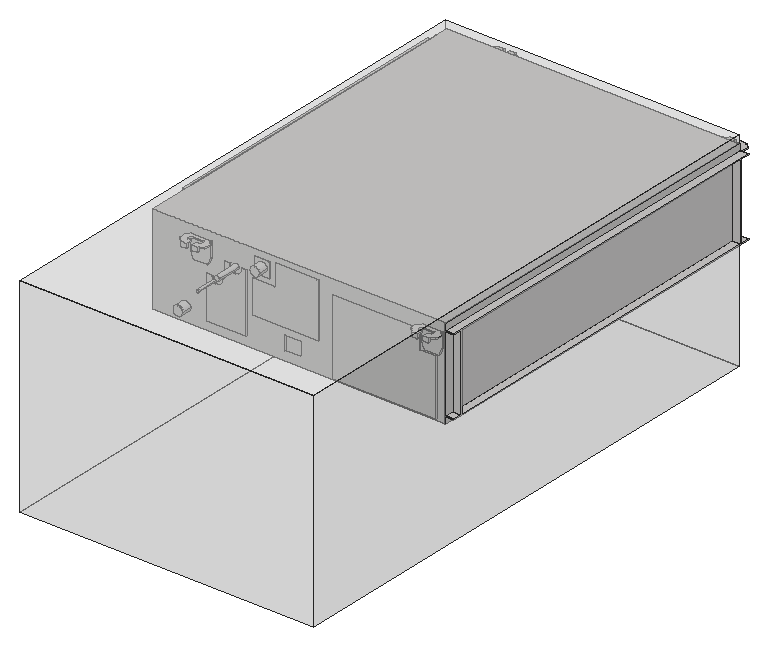
Revit family "outputfile", category 機械設備, Revit 2024
Family settings
  丸型コネクタ寸法 = 半径を使用
  パーツ タイプ = 標準
  OmniClass 番号 = 23.75.10.24.21.27.27
  OmniClass タイトル = Split System Air Conditioning Units
  作業面ベース = いいえ
  常に垂直 = はい
  ロード時にボイドで切り取り = いいえ
  注釈の向きを維持 = いいえ
  共有 = いいえ
  部屋計算ポイント = はい
Parameters (values of type "FXSA80AVM4")
  製造元 = "Daikin"
  書き出し IFC クラス(タイプ) = "IfcUnitaryEquipmentType"
  定義済み IFC タイプ(タイプ) = "AIRCONDITIONINGUNIT"
  モデル = "FXSA80AVM4"
  switch_frequency = yes
  r_Liquid Pipe Size = Liquid Pipe Size / 2  # 3.2 mm
  r_Gas Pipe Size = Gas Pipe Size / 2  # 6.35 mm
  r_Drain Pipe Size = Drain Pipe Size / 2  # 12.5 mm
  lw_power = 770.0 mm
  lh_SA = 138.0 mm
  lw_SA = if(Width = 550.0 mm, 225.0 mm, if(Width = 700.0 mm, 300.0 mm, if(Width = 1000.0 mm, 450.0 mm, if(Width = 1400.0 mm, 650.0 mm, 725.0 mm))))  # 450.0 mm
  lw_RA = if(Width = 550.0 mm, 275.0 mm, if(Width = 700.0 mm, 349.0 mm, if(Width = 1000.0 mm, 499.0 mm, if(Width = 1400.0 mm, 699.0 mm, 775.0 mm))))  # 499.0 mm
  lh_power = 60.0 mm + [h***]  # 60.0 mm
  lh_mountinghole1 = lh_mountinghole + [h***]  # 222.0 mm
  lh_RA = 123.0 mm
  ld_power = Width / 2  # 500.0 mm
  connector_voltage = Voltage_50Hz  # 220 V
  connector_powerinput = [Power Input (Cooling)]  # 0.126 kW
  connector_phase = Phase_50Hz  # 1
  Voltage_comment_60Hz = "220"
  Voltage_comment_50Hz = "220-240"
  Voltage_60Hz = 220 V
  Voltage_50Hz = 220 V
  Total Heating Capacity [instance] = 0.000 kW
  Supply Air Direction [instance] = yes
  Sound Power Level_H speed (dB) = 65.5
  Power Input (Heating) = 0.121 kW
  Phase_60Hz = 1
  Phase_50Hz = 1
  Nominal Heating Capacity = 10.000 kW
  Minimum External Static Pressure = 50.00 Pa
  Minimum Circuit Amps_60Hz = 1.9 A
  Minimum Circuit Amps_50Hz = 1.9 A
  Maximum Fuse Amps_60Hz = 16.0 A
  Maximum Fuse Amps_50Hz = 16.0 A
  Maximum External Static Pressure = 150.00 Pa
  Material_Casing = DAIKIN_GalvanizedSteel_Casing_indoorunit
  lw_mountinghole = 630.0 mm
  lh_gaspipe = 183.0 mm + [h***]  # 183.0 mm
  lh_mountinghole = 222.0 mm
  lh_liquidpipe = 136.0 mm + [h***]  # 136.0 mm
  lh_drainpipe = 207.0 mm + [h***]  # 207.0 mm
  lh_antena = Height - lh_mountinghole + 1.0 mm  # 24.0 mm
  ld_drainpipe = Width / 2 + 26.0 mm  # 526.0 mm
  ld_liquidpipe = 569.0 mm
  ld_gaspipe = Width / 2 + 65.0 mm  # 565.0 mm
  ld_mountinghole = Width + 38.0 mm  # 1038.0 mm
  h*** = 0.0 mm
  lw_liquidpipe = 179.0 mm
  lw_gaspipe = 229.0 mm
  lw_drainpipe = 300.0 mm
  Width = 1000.0 mm
  Version = "ver.1.0"
  Unit Type = "Duct_M.S.P."
  Unit Mass Weight = 37.00 kg
  Unit Designation [instance] = ""
  Uniclass2015Version = "Products v1.30"
  Uniclass2015Title = "Variable refrigerant flow units"
  Uniclass2015Code = "Pr_70_65_03_94"
  Total Cooling Capacity [instance] = 0.000 kW
  Sound Pressure Level_M speed (dBA) = 34
  Sound Pressure Level_L speed (dBA) = 30
  Sound Pressure Level_H speed (dBA) = 37.5
  Series = "VRV Fan Coil Unit"
  Sensible Cooling Capacity [instance] = 0.000 kW
  SA Duct Size Width = 792.0 mm
  SA Duct Size Height = 176.0 mm
  Refrigerant Type = "R32"
  RA Duct Size Width = 952.0 mm
  RA Duct Size Height = 208.0 mm
  Power Input (Cooling) = 0.126 kW
  Option Accessory 3 [instance] = ""
  Option Accessory 2 [instance] = ""
  Option Accessory 1 [instance] = ""
  Nominal Cooling Capacity = 9.000 kW
  Minimum Airflow = 960.00 m³/h
  Median Airflow = 1170.00 m³/h
  Maximum Airflow = 1380.00 m³/h
  Load Classification = HVAC
  Liquid Pipe Size = 6.4 mm
  Link_Nested Family [instance] = ""
  IfcVersion = ""
  IfcExportType = "AIRCONDITIONINGUNIT"
  IfcExportAs = "IfcUnitaryEquipmentType"
  Height = 245.0 mm
  Heating Entering Wet Bulb Temperature [instance] = -273.15 °C
  Heating Entering Dry Bulb Temperature [instance] = -273.15 °C
  Heating Ambient Wet Bulb Temperature [instance] = -273.15 °C
  Heating Ambient Dry Bulb Temperature [instance] = -273.15 °C
  Heat Exchanger Type = "Cross Fin Coil"
  Gas Pipe Size = 12.7 mm
  Frequency_60Hz = 60 Hz
  Frequency_50Hz = 50 Hz
  Fan Type = "Sirocco Fan"
  Fan Drive = "Direct Drive"
  FCU Tag No. [instance] = ""
  Drain Pipe Size = 25.0 mm
  Design Supply Airflow [instance] = 0.00 m³/h
  Design Return Airflow [instance] = 0.00 m³/h
  Design External Static Pressure [instance] = 0.00 Pa
  Depth = 800.0 mm
  既定の高さ = 0.0 mm
  Cooling Entering Wet Bulb Temperature [instance] = 0.00 °C
  Cooling Entering Dry Bulb Temperature [instance] = 0.00 °C
  Cooling Ambient Wet Bulb Temperature [instance] = 0.00 °C
  Cooling Ambient Dry Bulb Temperature [instance] = 0.00 °C
  Clearance visibility [instance] = yes
  Clearance Top = 20.0 mm
  Clearance Right = 0.0 mm
  Clearance Rear = 0.0 mm
  Clearance Left = 0.0 mm
  Clearance Front = 450.0 mm
  Clearance Bottom = 300.0 mm
Reference planes
  plane 1 "Center (Front/Back)": y = 0
  plane 2 "h": z = 0
  plane 3 "Center (Left/Right)": x = 0
  plane 4 "Back": y = 500
  plane 5 "Front": y = -500
  plane 6 "Left": x = -400
  plane 7 "Right": x = 400
  plane 8 "Top": z = 0
  plane 9 "Bottom": z = -245
  plane 10: y = -215
  plane 11: y = 500
  plane 12: y = -950
  plane 13: x = -400
  plane 14: x = 400
  plane 15: z = 20
  plane 16: z = -545
  plane 17: x = -400
  plane 18: x = -399
  plane 19: x = 399
  plane 20: y = 50
  plane 21: y = -1
  plane 22: z = -122
  plane 23: y = -501
  plane 24: z = -109
  plane 25: x = -221
  plane 26: y = -565
  plane 27: z = -62
  plane 28: x = -171
  plane 29: y = -526
  plane 30: z = -38
  plane 31: x = -100
  plane 32: x = -100
  plane 33: x = -221
  plane 34: x = -171
  plane 35: x = 370
  plane 36: x = -266
  plane 37: x = 364
  plane 38: y = -519
  plane 39: y = 519
  plane 40: z = -23
  plane 41: z = -107
  plane 42: y = -569
  plane 43: z = -207
  plane 44: x = -309
  plane 45: y = -376
  plane 46: x = -251
  plane 47: x = -203
  plane 48: x = -144
  plane 49: z = -59
  plane 50: z = -106
  plane 51: z = -221
  plane 52: z = -109
  plane 53: x = -221
  plane 54: z = -62
  plane 55: x = -171
  plane 56: z = -17
  plane 57: z = -59
  plane 58: x = -121
  plane 59: x = -79
  plane 60: x = -125
  plane 61: x = -64
  plane 62: x = 53
  plane 63: z = -164
  plane 64: z = -73
  plane 65: z = -16
  plane 66: x = 93.5
  plane 67: x = 374.5
  plane 68: x = 330
  plane 69: z = -88.5
  plane 70: z = -38
  plane 71: z = -242.5
  plane 72: x = -38.5
  plane 73: x = 6.5
  plane 74: z = -181
  plane 75: z = -221
  plane 76: y = -499
  plane 77: x = -424
  plane 78: x = 424
Forms (mm)
  Extrusion 1, solid, material "DAIKIN_GalvanizedSteel_Casing_indoorunit" <- "Material_Casing"
    sketch origin (0, 0, 0) x (1, 0, 0) y (0, 1, 0)
      loop
        line (-399, 500) -> (-399, -500) -> (399, -500) -> (399, 500) -> (-399, 500)
    from -245 to 0
  Extrusion 2, solid, material "DAIKIN_GalvanizedSteel_Casing_indoorunit" <- "Material_Casing"
    sketch origin (0, 0, 0) x (1, 0, 0) y (0, 0, 1)
      loop
        line (-251, -221) -> (-144, -221) -> (-144, -59) -> (-154.47, -59)
        arc (-154.47, -59) -> (-171, -78.8) -> (-187.53, -59) r 16.8
        line (-187.53, -59) -> (-203, -59) -> (-203, -106) -> (-206.916, -106)
        arc (-206.916, -106) -> (-221, -123.4) -> (-235.084, -106) r 14.4
        line (-235.084, -106) -> (-251, -106) -> (-251, -221)
    from 500 to 501
  Extrusion 3, solid, material "DAIKIN_GalvanizedSteel_Casing_indoorunit" <- "Material_Casing"
    sketch origin (0, 0, 0) x (1, 0, 0) y (0, 0, 1)
      loop
        line (-121, -17) -> (-121, -59) -> (-79, -59) -> (-79, -17) -> (-121, -17)
      loop
        line (-125, -73) -> (-125, -164) -> (53, -164) -> (53, -16) -> (-64, -16) -> (-64, -73) -> (-125, -73)
    from 500 to 501
  Extrusion 4, solid, material "DAIKIN_GalvanizedSteel_Casing_indoorunit" <- "Material_Casing"
    sketch origin (0, 0, 0) x (1, 0, 0) y (0, 0, 1)
      loop
        line (93.5, -38) -> (93.5, -242.5) -> (374.5, -242.5) -> (374.5, -88.5) -> (330, -88.5) -> (330, -38) -> (93.5, -38)
    from 500 to 501
  Extrusion 5, solid, material "DAIKIN_GalvanizedSteel_Casing_indoorunit" <- "Material_Casing"
    sketch origin (0, 0, 0) x (1, 0, 0) y (0, 0, 1)
      loop
        circle (-221, -109) r 3.2
    from 500 to 569
  Extrusion 6, solid, material "DAIKIN_GalvanizedSteel_Casing_indoorunit" <- "Material_Casing"
    sketch origin (0, 0, 0) x (1, 0, 0) y (0, 0, 1)
      loop
        circle (-171, -62) r 6.35
    from 500 to 565
  Extrusion 7, solid, material "DAIKIN_GalvanizedSteel_Casing_indoorunit" <- "Material_Casing"
    sketch origin (0, 0, 0) x (1, 0, 0) y (0, 0, 1)
      loop
        circle (-100, -38) r 12.5
    from 501 to 526
  Extrusion 8, solid, material "DAIKIN_GalvanizedSteel_Casing_indoorunit" <- "Material_Casing"
    sketch origin (0, 0, 0) x (1, 0, 0) y (0, 0, 1)
      loop
        circle (-309, -207) r 13
    from 500 to 526
  Extrusion 9, void
    sketch origin (0, 0, 0) x (1, 0, 0) y (0, 0, 1)
      loop
        line (-38.5, -181) -> (-38.5, -221) -> (6.5, -221) -> (6.5, -181) -> (-38.5, -181)
    from 499 to 500
Cuts and joins
  Extrusion 9 cuts Extrusion 1
Dimensions and locks
  "Height": plane 8 "Top" to plane 9 "Bottom"
  equal spacing: plane 4 "Back", plane 1 "Center (Front/Back)", plane 5 "Front"
  "Width": plane 4 "Back" to plane 5 "Front"
  equal spacing: plane 6 "Left", plane 3 "Center (Left/Right)", plane 7 "Right"
  "Depth": plane 6 "Left" to plane 7 "Right"
  "Clearance Left": plane 13 to plane 6 "Left"
  "Clearance Right": plane 7 "Right" to plane 14
  "Clearance Rear": plane 11 to plane 4 "Back"
  "Clearance Front": plane 5 "Front" to plane 12
  "Clearance Top": plane 15 to plane 8 "Top"
  "Clearance Bottom": plane 9 "Bottom" to plane 16
  locked: plane 17 to plane 18 at 1
  locked: plane 19 to plane 14 at 1
  "lw_SA": plane 11 to plane 20
  "lw_RA": plane 21 to plane 5 "Front"
  "lh_RA": plane 22 to plane 9 "Bottom"
  locked: plane 5 "Front" to plane 23 at 1
  "lw_liquidpipe": plane 25 to plane 6 "Left"
  "lh_liquidpipe": plane 24 to plane 9 "Bottom"
  "lh_gaspipe": plane 27 to plane 9 "Bottom"
  "lw_gaspipe": plane 28 to plane 6 "Left"
  "ld_gaspipe": plane 26 to plane 1 "Center (Front/Back)"
  "ld_drainpipe": plane 29 to plane 1 "Center (Front/Back)"
  "lh_drainpipe": plane 30 to plane 9 "Bottom"
  "lw_drainpipe": plane 31 to plane 6 "Left"
  "lw_drainpipe": plane 6 "Left" to plane 32
  "lw_liquidpipe": plane 6 "Left" to plane 33
  "lw_gaspipe": plane 6 "Left" to plane 34
  "lw_power": plane 6 "Left" to plane 35
  locked: plane 17 to plane 36 at 134
  "lw_mountinghole": plane 36 to plane 37
  equal spacing: plane 38, plane 1 "Center (Front/Back)", plane 39
  "ld_mountinghole": plane 39 to plane 38
  "lh_mountinghole": plane 40 to plane 9 "Bottom"
  "lh_SA": plane 41 to plane 9 "Bottom"
  locked: plane 44 to plane 6 "Left" at 91
  locked: plane 43 to plane 9 "Bottom" at 38
  plane 48 to plane 47 to plane 46 to plane 6 "Left" = 59.0 mm, 48.0 mm, 149.0 mm
  plane 8 "Top" to plane 49 to plane 50 to plane 51 = 59.0 mm locked, 47.0 mm locked, 115.0 mm locked
  plane 55 to plane 53 to plane 6 "Left" = 50.0 mm locked, 179.0 mm locked
  plane 54 to plane 52 to plane 9 "Bottom" = 47.0 mm locked, 136.0 mm locked
  plane 59 to plane 58 to plane 6 "Left" = 42.0 mm locked, 279.0 mm locked
  plane 8 "Top" to plane 56 to plane 57 = 17.0 mm locked, 42.0 mm locked
  plane 62 to plane 61 to plane 60 to plane 6 "Left" = 117.0 mm, 61.0 mm, 275.0 mm
  plane 8 "Top" to plane 65 to plane 64 = 16.0 mm locked, 57.0 mm locked
  locked: plane 65 to plane 63 at 148
  plane 8 "Top" to plane 70 to plane 69 to plane 71 = 38.0 mm locked, 50.5 mm locked, 154.0 mm locked
  plane 67 to plane 68 to plane 66 to plane 6 "Left" = 44.5 mm locked, 236.5 mm locked, 493.5 mm locked
  plane 8 "Top" to plane 74 to plane 75 = 181.0 mm locked, 40.0 mm locked
  plane 73 to plane 72 to plane 6 "Left" = 45.0 mm, 361.5 mm
  locked: plane 76 to plane 5 "Front" at 1
  locked: plane 77 to plane 17 at 24
  locked: plane 14 to plane 78 at 24
  "ld_liquidpipe": plane 42 to plane 1 "Center (Front/Back)"
  "r_Liquid Pipe Size": radius of Extrusion 5 sketch curve
  "r_Gas Pipe Size": radius of Extrusion 6 sketch curve
  "r_Drain Pipe Size": radius of Extrusion 7 sketch curve
  aligned and locked: level to plane 2 "h"
  aligned and locked: plane 8 "Top" to Extrusion 1
  aligned and locked: Extrusion 1 to plane 9 "Bottom"
  aligned and locked: nested 5 to plane 12
  aligned and locked: plane 13 to nested 5
  aligned and locked: plane 14 to nested 5
  aligned and locked: nested 5 to plane 13
  aligned and locked: plane 11 to nested 5
  aligned and locked: plane 15 to nested 5
  aligned and locked: plane 16 to nested 5
  aligned and locked: plane 5 "Front" to Extrusion 1 sketch curve
  aligned and locked: Extrusion 1 to plane 18
  aligned and locked: plane 19 to Extrusion 1
  aligned and locked: nested 7 to plane 18
  aligned and locked: nested 7 to plane 20
  aligned and locked: plane 19 to nested 8
  aligned and locked: plane 21 to nested 8
  aligned and locked: plane 22 to nested 8
  aligned and locked: Extrusion 2 to plane 23
  aligned and locked: plane 5 "Front" to Extrusion 2
  aligned and locked: Extrusion 3 to plane 23
  aligned and locked: plane 5 "Front" to Extrusion 3
  aligned and locked: plane 5 "Front" to Extrusion 4
  aligned and locked: Extrusion 5 sketch curve to plane 25
  aligned and locked: plane 24 to Extrusion 5 sketch curve
  aligned and locked: plane 5 "Front" to Extrusion 5
  aligned and locked: Extrusion 6 sketch curve to plane 28
  aligned and locked: plane 27 to Extrusion 6 sketch curve
  aligned and locked: plane 5 "Front" to Extrusion 6
  aligned and locked: Extrusion 7 sketch curve to plane 31
  aligned and locked: Extrusion 7 sketch curve to plane 30
  aligned and locked: Extrusion 7 to plane 29
  aligned and locked: plane 23 to Extrusion 7
  aligned and locked: nested 3 to plane 29
  aligned and locked: plane 32 to nested 3
  aligned and locked: nested 2 to plane 33
  aligned and locked: nested 1 to plane 34
  aligned and locked: Extrusion 6 to plane 26
  aligned and locked: nested 1 to plane 26
  aligned and locked: nested 6 to plane 5 "Front"
  aligned and locked: nested 6 to plane 35
  aligned and locked: plane 36 to nested 10
  aligned and locked: nested 10 to plane 5 "Front"
  aligned and locked: plane 37 to nested 9
  aligned and locked: nested 9 to plane 5 "Front"
  aligned and locked: nested 11 to plane 36
  aligned and locked: plane 4 "Back" to nested 11
  aligned and locked: nested 12 to plane 37
  aligned and locked: plane 4 "Back" to nested 12
  aligned and locked: plane 40 to nested 10
  aligned and locked: plane 40 to nested 11
  aligned and locked: plane 40 to nested 9
  aligned and locked: plane 40 to nested 12
  aligned and locked: plane 36 to nested 14
  aligned and locked: nested 14 to plane 39
  aligned and locked: plane 37 to nested 13
  aligned and locked: nested 13 to plane 39
  aligned and locked: plane 37 to nested 16
  aligned and locked: plane 38 to nested 16
  aligned and locked: plane 38 to nested 15
  aligned and locked: plane 36 to nested 15
  aligned and locked: plane 17 to plane 6 "Left"
  aligned and locked: plane 41 to nested 7
  aligned and locked: Extrusion 5 to plane 42
  aligned and locked: nested 2 to plane 42
  aligned and locked: Extrusion 8 sketch curve to plane 44
  aligned and locked: plane 43 to Extrusion 8 sketch curve
  aligned and locked: plane 5 "Front" to Extrusion 8
  aligned and locked: Extrusion 3 sketch curve to plane 56
  aligned and locked: Extrusion 3 sketch curve to plane 58
  aligned and locked: plane 57 to Extrusion 3 sketch curve
  aligned and locked: plane 59 to Extrusion 3 sketch curve
  aligned and locked: Extrusion 4 to plane 23
  aligned and locked: Extrusion 9 sketch curve to plane 74
  aligned and locked: plane 75 to Extrusion 9 sketch curve
  aligned and locked: plane 73 to Extrusion 9 sketch curve
  aligned and locked: plane 5 "Front" to Extrusion 9
  aligned and locked: plane 76 to Extrusion 9
  aligned and locked: nested 17 to plane 20
  aligned and locked: nested 17 to plane 77
  aligned and locked: plane 21 to nested 18
  aligned and locked: plane 78 to nested 18
  aligned and locked: plane 41 to nested 17
  aligned and locked: nested 18 to plane 22
  aligned and locked: nested 4 to plane 3 "Center (Left/Right)"
  aligned and locked: plane 1 "Center (Front/Back)" to nested 4
  aligned and locked: level to plane 8 "Top"
  aligned and locked: Extrusion 8 to plane 29
Automatic sketch dimensions
  plane 6 "Left" to Extrusion 1 sketch curve = 1.0 mm
  Extrusion 1 sketch curve to plane 7 "Right" = 1.0 mm
  Extrusion 1 sketch curve to plane 4 "Back" = 0.0 mm
  Extrusion 2 sketch curve to plane 46 = 0.0 mm
  Extrusion 2 sketch curve to plane 33 = 0.0 mm
  Extrusion 2 sketch curve to plane 47 = 0.0 mm
  Extrusion 2 sketch curve to plane 34 = 0.0 mm
  Extrusion 2 sketch curve to plane 48 = 0.0 mm
  Extrusion 2 sketch curve to plane 51 = 0.0 mm
  Extrusion 2 sketch curve to plane 52 = 0.0 mm
  Extrusion 2 sketch curve to plane 50 = 0.0 mm  (x3)
  Extrusion 2 sketch curve to plane 54 = 0.0 mm
  Extrusion 2 sketch curve to plane 49 = 0.0 mm  (x3)
  plane 33 to Extrusion 2 sketch curve = 14.084 mm
  plane 34 to Extrusion 2 sketch curve = 16.53 mm
  Extrusion 3 sketch curve to plane 60 = 0.0 mm
  Extrusion 3 sketch curve to plane 61 = 0.0 mm
  Extrusion 3 sketch curve to plane 62 = 0.0 mm
  Extrusion 3 sketch curve to plane 63 = 0.0 mm
  Extrusion 3 sketch curve to plane 64 = 0.0 mm
  Extrusion 3 sketch curve to plane 65 = 0.0 mm
  Extrusion 4 sketch curve to plane 66 = 0.0 mm
  Extrusion 4 sketch curve to plane 68 = 0.0 mm
  Extrusion 4 sketch curve to plane 67 = 0.0 mm
  Extrusion 4 sketch curve to plane 71 = 0.0 mm
  Extrusion 4 sketch curve to plane 69 = 0.0 mm
  Extrusion 4 sketch curve to plane 70 = 0.0 mm
  Extrusion 9 sketch curve to plane 72 = 0.0 mm
  radius of Extrusion 8 sketch curve = 13.0 mm
Nested families
  nested 1: "daikin_connector_rotate2" at (-171, 0, -62), length <- "ld_gaspipe", built-in parameter 1001364 <- "lh_gaspipe", radius <- "r_Gas Pipe Size", type "daikin_connector_rotate2"
    with radius 6.35 mm, length 565.0 mm, angle_vertical 90.00°
  nested 2: "daikin_connector_rotate2" at (-221, 0, -109), length <- "ld_liquidpipe", built-in parameter 1001364 <- "lh_liquidpipe", radius <- "r_Liquid Pipe Size", type "daikin_connector_rotate2"
    with radius 3.2 mm, length 569.0 mm, angle_vertical 90.00°
  nested 3: "daikin_connector_rotate2" at (-100, 0, -38), length <- "ld_drainpipe", built-in parameter 1001364 <- "lh_drainpipe", radius <- "r_Drain Pipe Size", type "daikin_connector_rotate2"
    with radius 12.5 mm, length 526.0 mm, angle_vertical 90.00°
  nested 4: "daikin_△_symbolicline" at (0, 0, 245) x (0, -1, 0) z (0, 0, 1), built-in parameter 1001364 <- "Height", visible <- "Supply Air Direction", type "daikin_△_symbolicline"
    with length 200.0 mm
  nested 5: "daikin_clearancespace" at (0, -225, -262.381), visible <- "Clearance visibility", show <- "Clearance visibility", Link_Nested Family <- "Link_Nested Family", type "daikin_clearancespace"
    with width 800.0 mm, show yes, height 565.0 mm, depth 1450.0 mm, Link_Nested Family ""
  nested 6: "daikin_connector_rotate2" at (370, 0, -185), built-in parameter 1001364 <- "lh_power", length <- "ld_power", type "daikin_connector_rotate2"
    with radius 10.0 mm, length 500.0 mm, angle_vertical 90.00°
  nested 7: "daikin_ductflange_FXFSA-AVM4_2" at (-399, 50, -107) x (0, -1, 0) z (0, 0, 1), type "daikin_ductflange_FXFSA-AV4_2"
    with width 792.0 mm, w 1000.0 mm
  nested 8: "daikin_ductflange_FXFSA-AVM4" at (399, -1, -122) x (0, 1, 0) z (0, 0, 1), type "daikin_ductflange_FXFSA-AVM4"
    with width 952.0 mm, lw 25.0 mm, w 1000.0 mm
  nested 9: "FXFSA-AVM4" at (364, -500, -23), type "daikin_hangerfixture_FXSA-AVM4"
  nested 10: "FXFSA-AVM4" at (-266, -500, -23), type "daikin_hangerfixture_FXSA-AVM4"
  nested 11: "FXFSA-AVM4" at (-266, 500, -23) x (-1, 0, 0) z (0, 0, 1), type "daikin_hangerfixture_FXSA-AVM4"
  nested 12: "FXFSA-AVM4" at (364, 500, -23) x (-1, 0, 0) z (0, 0, 1), type "daikin_hangerfixture_FXSA-AVM4"
  nested 13: "daikin_mountinghole" at (364, 519, -245), h_mountinghole <- "lh_mountinghole1", l_antenna <- "lh_antena", Link_Nested Family <- "Link_Nested Family", type "daikin_mountinghole"
    with show yes, l_antenna 24.0 mm, h_mountinghole 222.0 mm, Link_Nested Family ""
  nested 14: "daikin_mountinghole" at (-266, 519, -245), h_mountinghole <- "lh_mountinghole1", l_antenna <- "lh_antena", Link_Nested Family <- "Link_Nested Family", type "daikin_mountinghole"
    with show yes, l_antenna 24.0 mm, h_mountinghole 222.0 mm, Link_Nested Family ""
  nested 15: "daikin_mountinghole" at (-266, -519, -245), h_mountinghole <- "lh_mountinghole1", l_antenna <- "lh_antena", Link_Nested Family <- "Link_Nested Family", type "daikin_mountinghole"
    with show yes, l_antenna 24.0 mm, h_mountinghole 222.0 mm, Link_Nested Family ""
  nested 16: "daikin_mountinghole" at (364, -519, -245), h_mountinghole <- "lh_mountinghole1", l_antenna <- "lh_antena", Link_Nested Family <- "Link_Nested Family", type "daikin_mountinghole"
    with show yes, l_antenna 24.0 mm, h_mountinghole 222.0 mm, Link_Nested Family ""
  nested 17: "daikin_connector_rotate2" at (-400, 50, -107) x (0, -1, 0) z (0, 0, 1), type "daikin_connector_rotate2"
    with radius 10.0 mm, length 24.0 mm, angle_vertical 90.00°
  nested 18: "daikin_connector_rotate2" at (400, -1, -122) x (0, 1, 0) z (0, 0, 1), type "daikin_connector_rotate2"
    with radius 10.0 mm, length 24.0 mm, angle_vertical 90.00°
Connectors
  piping at (-100, -526, -38), diameter 25, driven by "r_Drain Pipe Size"
    settings: on nested 3, index 3, connector inside diameter 609.6 mm, connector length 0.0 mm, flow factor 0, pipe flow 0.00 m³/h, pressure drop 0.0 Pa, fitting loss kfactor 0, connector angle 0.00°, fixture units 0, engagement length 0.0 mm, angle of deflection 0.00°, flow configuration 1, flow direction 2, fitting loss method 4, system type 16, joint type 0, gender type 0, connector reference index -1, connector utility 0, adjustable connector no, is connector primary yes, connector description "Condensate Drain Piping"
  piping at (-171, -565, -62), diameter 12.7, driven by "r_Gas Pipe Size"
    settings: on nested 1, index 4, connector inside diameter 609.6 mm, connector length 0.0 mm, flow factor 0, pipe flow 0.00 m³/h, pressure drop 0.0 Pa, fitting loss kfactor 0, connector angle 0.00°, fixture units 0, engagement length 0.0 mm, angle of deflection 0.00°, flow configuration 1, flow direction 2, fitting loss method 0, system type 29, joint type 0, gender type 0, connector reference index -1, connector utility 0, adjustable connector no, is connector primary no, connector description "Refrigerant Gas Piping"
  piping at (-221, -569, -109), diameter 6.4, driven by "r_Liquid Pipe Size"
    settings: on nested 2, index 5, connector inside diameter 609.6 mm, connector length 0.0 mm, flow factor 0, pipe flow 0.00 m³/h, pressure drop 0.0 Pa, fitting loss kfactor 0, connector angle 0.00°, fixture units 0, engagement length 0.0 mm, angle of deflection 0.00°, flow configuration 1, flow direction 1, fitting loss method 0, system type 29, joint type 0, gender type 0, connector reference index -1, connector utility 0, adjustable connector no, is connector primary no, connector description "Refrigerant Liquid Piping"
  electrical at (370, -500, -185), driven by "Load Classification", driven by "connector_voltage", driven by "connector_phase", driven by "connector_powerinput"
    settings: on nested 6, index 6, voltage 220 V, apparent load 126 VA, apparent load phase1 0 VA, apparent load phase2 0 VA, apparent load phase3 0 VA, power factor 1, load classification "HVAC", number of poles 1, system type 30, power factor state 1, is connector primary yes, connector utility no, sub classification motor no, connector description "Power Supply"
  hvac at (-424, 50, -107), driven by "SA Duct Size Height", driven by "SA Duct Size Width"
    settings: on nested 17, index 7, duct flow 0.00 m³/h, flow factor 0, pres drop 0.00 Pa, loss coef 0, conn angle 0.00°, conn width 792.0 mm, conn height 176.0 mm, conn diameter 609.6 mm, duct sys type 1, conn prof type 1, flow config 0, flow direction 2, loss method 4, conn ref index -1, conn util no, is conn primary yes, conn desc "SA Duct"
  hvac at (424, -1, -122), driven by "RA Duct Size Height", driven by "RA Duct Size Width"
    settings: on nested 18, index 8, duct flow 0.00 m³/h, flow factor 0, pres drop 0.00 Pa, loss coef 0, conn angle 0.00°, conn width 952.0 mm, conn height 208.0 mm, conn diameter 609.6 mm, duct sys type 2, conn prof type 1, flow config 0, flow direction 1, loss method 4, conn ref index -1, conn util no, is conn primary no, conn desc "RA Duct"
Definition of nested family "daikin_clearancespace"
  Parameters (values of type "daikin_clearancespace")
    Description = "daikin_clearancespace"
    width [instance] = 1823.963 mm
    show [instance] = yes
    material = none
    height [instance] = 1359.762 mm
    depth [instance] = 880.0 mm
    Default Elevation = 0.0 mm
    Link_Nested Family [instance] = ""
  Reference planes
    plane 1 "Center (Front/Back)": y = 0
    plane 2 "Center (Elevation)": z = -0.119
    plane 3 "Center (Left/Right)": x = 0
    plane 4: y = 440
    plane 5: y = -440
    plane 6 "Right": x = 911.982
    plane 7 "Left": x = -911.982
    plane 8 "Top": z = 679.762
    plane 9 "Bottom": z = -680
  Forms (mm)
    Extrusion 1, solid, material <- "material", visible <- "show"
      sketch origin (0, 0, 0) x (1, 0, 0) y (0, 1, 0)
        loop
          line (-911.982, 440) -> (-911.982, -440) -> (911.982, -440) -> (911.982, 440) -> (-911.982, 440)
      from -680 to 679.762
  Lines and regions (mm)
    symbolic lines, visible <- "show"
      curve 1: line (911.982, 440, 0) -> (-911.982, 440, 0)
      curve 2: line (-911.982, 440, 0) -> (-911.982, -440, 0)
      curve 3: line (-911.982, -440, 0) -> (911.982, -440, 0)
      curve 4: line (911.982, -440, 0) -> (911.982, 440, 0)
      curve 5: line (911.982, 0, 679.762) -> (-911.982, 0, 679.762)
      curve 6: line (911.982, 0, -680) -> (911.982, 0, 679.762)
      curve 7: line (-911.982, 0, -680) -> (911.982, 0, -680)
      curve 8: line (-911.982, 0, 679.762) -> (-911.982, 0, -680)
      curve 9: line (0, 440, 679.762) -> (0, -440, 679.762)
      curve 10: line (0, -440, 679.762) -> (0, -440, -680)
      curve 11: line (0, 440, -680) -> (0, 440, 679.762)
      curve 12: line (0, -440, -680) -> (0, 440, -680)
  Dimensions and locks
    "width": plane 7 "Left" to plane 6 "Right"
    "depth": plane 4 to plane 5
    "height": plane 8 "Top" to plane 9 "Bottom"
    equal spacing: plane 7 "Left", plane 3 "Center (Left/Right)", plane 6 "Right"
    equal spacing: plane 4, plane 1 "Center (Front/Back)", plane 5
    equal spacing: plane 8 "Top", plane 2 "Center (Elevation)", plane 9 "Bottom"
    aligned and locked: level to plane 2 "Center (Elevation)"
    aligned and locked: Extrusion 1 sketch curve to plane 4
    aligned and locked: plane 7 "Left" to Extrusion 1 sketch curve
    aligned and locked: Extrusion 1 sketch curve to plane 5
    aligned and locked: Extrusion 1 sketch curve to plane 6 "Right"
    aligned and locked: plane 8 "Top" to Extrusion 1
    aligned and locked: curve 1 to Extrusion 1
    aligned and locked: curve 2 to Extrusion 1
    aligned and locked: curve 3 to Extrusion 1
    aligned and locked: curve 4 to Extrusion 1
    aligned and locked: curve 5 to Extrusion 1
    aligned and locked: curve 6 to Extrusion 1
    aligned and locked: curve 7 to Extrusion 1
    aligned and locked: curve 8 to Extrusion 1
    aligned and locked: curve 9 to Extrusion 1
    aligned and locked: curve 10 to Extrusion 1
    aligned and locked: curve 11 to Extrusion 1
    aligned and locked: curve 12 to Extrusion 1
    aligned and locked: Extrusion 1 to plane 9 "Bottom"
Definition of nested family "daikin_ductflange_FXFSA-AVM4_2"
  Parameters (values of type "daikin_ductflange_FBA-BVMA2")
    width = if(w = 550.0 mm, 337.0 mm, if(w = 700.0 mm, 492.0 mm, if(w = 1000.0 mm, 792.0 mm, if(w = 1400.0 mm, 1192.0 mm, 1337.0 mm))))  # 492.0 mm
    w1 = if(w = 550.0 mm, 24.0 mm, if(w = 700.0 mm, 21.5 mm, if(w = 1000.0 mm, 21.5 mm, if(w = 1400.0 mm, 21.5 mm, 24.0 mm))))  # 21.5 mm
    material = none
    height = 215.0 mm
    depth = 1.0 mm
    w = 700.0 mm
    Default Elevation = 0.0 mm
  Reference planes
    plane 1 "Center (Front/Back)": y = 0
    plane 2: z = 0
    plane 3 "Center (Left/Right)": x = 0
    plane 4: z = 88
    plane 5: z = -88
    plane 6: y = -25
    plane 7: z = 106
    plane 8: z = 89
    plane 9: y = -1
    plane 10: x = -267.5
    plane 11: x = 267.5
    plane 12: z = -106
    plane 13: z = -89
    plane 14: y = -1
    plane 15: x = 246
    plane 16: x = -246
    plane 17: x = 247
    plane 18: z = 87
    plane 19: z = -87
    plane 20: x = -247
    plane 21: z = 87
    plane 22: z = -87
    plane 23: y = -1
  Forms (mm)
    Extrusion 1, solid, material <- "material"
      sketch origin (0, 0, 0) x (0, 1, 0) y (0, 0, 1)
        loop
          line (-25, 88) -> (0, 88) -> (0, 106) -> (-1, 106) -> (-1, 89) -> (-25, 89) -> (-25, 88)
      from -267.5 to 267.5
    Extrusion 2, solid, material <- "material"
      sketch origin (0, 0, 0) x (0, 1, 0) y (0, 0, 1)
        loop
          line (-25, -88) -> (-25, -89) -> (-1, -89) -> (-1, -106) -> (0, -106) -> (0, -88) -> (-25, -88)
      from -267.5 to 267.5
    Extrusion 3, solid, material <- "material"
      sketch origin (0, 0, 0) x (1, 0, 0) y (0, 0, 1)
        loop
          line (246, 88) -> (246, -88) -> (267.5, -88) -> (267.5, -87) -> (247, -87) -> (247, 87) -> (267.5, 87) -> (267.5, 88) -> (246, 88)
      from 0 to 25
    Extrusion 4, solid, material <- "material"
      sketch origin (0, 0, 0) x (1, 0, 0) y (0, 0, 1)
        loop
          line (-267.5, 88) -> (-267.5, 87) -> (-247, 87) -> (-247, -87) -> (-267.5, -87) -> (-267.5, -88) -> (-246, -88) -> (-246, 88) -> (-267.5, 88)
      from 0 to 25
    Extrusion 5, solid, material <- "material"
      sketch origin (0, 0, 0) x (1, 0, 0) y (0, 0, 1)
        loop
          line (-267.5, 88) -> (-267.5, -88) -> (-246, -88) -> (-246, 88) -> (-267.5, 88)
        loop
          line (267.5, 88) -> (246, 88) -> (246, -88) -> (267.5, -88) -> (267.5, 88)
      from 0 to 1
  Cuts and joins
    joined: Extrusion 1, Extrusion 2, Extrusion 3, Extrusion 4, Extrusion 5
  Dimensions and locks
    plane 4 to level to plane 5 = 88.0 mm, 88.0 mm
    locked: plane 6 to plane 1 "Center (Front/Back)" at 25
    locked: plane 9 to plane 1 "Center (Front/Back)" at 1
    locked: plane 8 to plane 4 at 1
    "w1": plane 16 to plane 10
    locked: plane 17 to plane 15 at 1
    locked: plane 4 to plane 18 at 1
    locked: plane 19 to plane 5 at 1
    "width": plane 15 to plane 16
    plane 4 to plane 5 = 176.0 mm
    locked: plane 16 to plane 20 at 1
    locked: plane 4 to plane 21 at 1
    locked: plane 22 to plane 5 at 1
    locked: plane 23 to plane 1 "Center (Front/Back)" at 1
    plane 4 to level to plane 5 = 88.0 mm locked, 88.0 mm locked
    locked: plane 5 to plane 13 at 1
    locked: plane 5 to plane 12 at 18
    locked: plane 7 to plane 4 at 18
    equal spacing: plane 15, plane 3 "Center (Left/Right)", plane 16
    "w1": plane 11 to plane 15
    plane 11 to plane 10 = 535.0 mm
    aligned and locked: level to plane 2
    aligned and locked: Extrusion 1 to plane 10
    aligned and locked: plane 11 to Extrusion 1
    aligned and locked: plane 5 to Extrusion 2
    aligned and locked: Extrusion 2 to plane 1 "Center (Front/Back)"
    aligned and locked: plane 15 to Extrusion 3 sketch curve
    aligned and locked: Extrusion 3 sketch curve to Extrusion 2  (x2)
    aligned and locked: Extrusion 3 sketch curve to plane 11
    aligned and locked: plane 6 to Extrusion 3
    aligned and locked: Extrusion 2 to plane 10
    aligned and locked: plane 11 to Extrusion 2
    aligned and locked: Extrusion 4 sketch curve to Extrusion 1  (x2)
    aligned and locked: plane 5 to Extrusion 4 sketch curve
    aligned and locked: Extrusion 4 sketch curve to plane 16
    aligned and locked: Extrusion 4 sketch curve to plane 22
    aligned and locked: plane 20 to Extrusion 4 sketch curve
    aligned and locked: plane 21 to Extrusion 4 sketch curve
    aligned and locked: Extrusion 4 to plane 1 "Center (Front/Back)"
    aligned and locked: plane 6 to Extrusion 4
    aligned and locked: Extrusion 5 sketch curve to Extrusion 1  (x4)
    aligned and locked: Extrusion 5 sketch curve to Extrusion 4  (x2)
    aligned and locked: Extrusion 5 sketch curve to Extrusion 3  (x2)
    aligned and locked: Extrusion 5 to plane 1 "Center (Front/Back)"
    aligned and locked: plane 23 to Extrusion 5
  Automatic sketch dimensions
    Extrusion 1 sketch curve to plane 6 = 0.0 mm
    Extrusion 1 sketch curve to plane 7 = 0.0 mm
    Extrusion 1 sketch curve to plane 9 = 0.0 mm
    Extrusion 1 sketch curve to plane 1 "Center (Front/Back)" = 0.0 mm
    Extrusion 1 sketch curve to plane 4 = 0.0 mm
    Extrusion 1 sketch curve to plane 8 = 0.0 mm
    Extrusion 2 sketch curve to plane 6 = 0.0 mm
    plane 12 to Extrusion 2 sketch curve = 0.0 mm
    Extrusion 2 sketch curve to plane 14 = 0.0 mm
    Extrusion 2 sketch curve to plane 1 "Center (Front/Back)" = 0.0 mm
    plane 13 to Extrusion 2 sketch curve = 0.0 mm
    Extrusion 2 sketch curve to plane 5 = 0.0 mm
    Extrusion 3 sketch curve to plane 17 = 0.0 mm
    Extrusion 3 sketch curve to plane 19 = 0.0 mm
    Extrusion 3 sketch curve to plane 18 = 0.0 mm
    Extrusion 3 sketch curve to plane 4 = 0.0 mm
    Extrusion 4 sketch curve to plane 10 = 0.0 mm
Definition of nested family "daikin_ductflange_FXFSA-AVM4"
  Parameters (values of type "daikin_ductflange_FBFC-DVMG")
    width = if(w = 550.0 mm, 502.0 mm, if(w = 700.0 mm, 654.0 mm, if(w = 1000.0 mm, 952.0 mm, if(w = 1400.0 mm, 1352.0 mm, 1502.0 mm))))  # 654.0 mm
    material = none
    lw = if(width = 654.0 mm, 23.0 mm, 25.0 mm)  # 23.0 mm
    height = 208.0 mm
    depth = 1.0 mm
    w = 700.0 mm
    Default Elevation = 0.0 mm
  Reference planes
    plane 1 "Center (Front/Back)": y = 0
    plane 2: z = 0
    plane 3 "Center (Left/Right)": x = 0
    plane 4: z = 104
    plane 5: z = -104
    plane 6: y = -25
    plane 7: z = 121
    plane 8: z = 105
    plane 9: y = -1
    plane 10: x = -350
    plane 11: x = 350
    plane 12: z = -122
    plane 13: z = -105
    plane 14: y = -1
    plane 15: x = 327
    plane 16: x = -327
    plane 17: x = 328
    plane 18: z = 103
    plane 19: z = -103
    plane 20: x = -328
    plane 21: z = 103
    plane 22: z = -103
    plane 23: y = -1
  Forms (mm)
    Extrusion 1, solid, material <- "material"
      sketch origin (0, 0, 0) x (0, 1, 0) y (0, 0, 1)
        loop
          line (-25, 104) -> (0, 104) -> (0, 121) -> (-1, 121) -> (-1, 105) -> (-25, 105) -> (-25, 104)
      from -350 to 350
    Extrusion 2, solid, material <- "material"
      sketch origin (0, 0, 0) x (0, 1, 0) y (0, 0, 1)
        loop
          line (-25, -104) -> (-25, -105) -> (-1, -105) -> (-1, -122) -> (0, -122) -> (0, -104) -> (-25, -104)
      from -350 to 350
    Extrusion 3, solid, material <- "material"
      sketch origin (0, 0, 0) x (1, 0, 0) y (0, 0, 1)
        loop
          line (327, 104) -> (327, -104) -> (350, -104) -> (350, -103) -> (328, -103) -> (328, 103) -> (350, 103) -> (350, 104) -> (327, 104)
      from 0 to 25
    Extrusion 4, solid, material <- "material"
      sketch origin (0, 0, 0) x (1, 0, 0) y (0, 0, 1)
        loop
          line (-350, 104) -> (-350, 103) -> (-328, 103) -> (-328, -103) -> (-350, -103) -> (-350, -104) -> (-327, -104) -> (-327, 104) -> (-350, 104)
      from 0 to 25
    Extrusion 5, solid, material <- "material"
      sketch origin (0, 0, 0) x (1, 0, 0) y (0, 0, 1)
        loop
          line (-350, 104) -> (-350, -104) -> (-327, -104) -> (-327, 104) -> (-350, 104)
        loop
          line (350, 104) -> (327, 104) -> (327, -104) -> (350, -104) -> (350, 104)
      from 0 to 1
  Cuts and joins
    joined: Extrusion 1, Extrusion 2, Extrusion 3, Extrusion 4, Extrusion 5
  Dimensions and locks
    plane 4 to level to plane 5 = 104.0 mm, 104.0 mm
    locked: plane 6 to plane 1 "Center (Front/Back)" at 25
    locked: plane 9 to plane 1 "Center (Front/Back)" at 1
    locked: plane 8 to plane 4 at 1
    "lw": plane 11 to plane 15
    "lw": plane 16 to plane 10
    locked: plane 17 to plane 15 at 1
    locked: plane 4 to plane 18 at 1
    locked: plane 19 to plane 5 at 1
    "width": plane 15 to plane 16
    equal spacing: plane 15, plane 3 "Center (Left/Right)", plane 16
    locked: plane 16 to plane 20 at 1
    locked: plane 4 to plane 21 at 1
    locked: plane 22 to plane 5 at 1
    locked: plane 23 to plane 1 "Center (Front/Back)" at 1
    locked: plane 7 to plane 4 at 17
    locked: plane 1 "Center (Front/Back)" to plane 14 at 1
    locked: plane 5 to plane 13 at 1
    "height": plane 4 to plane 5
    plane 11 to plane 10 = 700.0 mm
    locked: plane 12 to plane 13 at 17
    equal spacing: plane 4, level, plane 5
    aligned and locked: level to plane 2
    aligned and locked: Extrusion 1 to plane 10
    aligned and locked: plane 11 to Extrusion 1
    aligned and locked: plane 5 to Extrusion 2
    aligned and locked: Extrusion 2 to plane 1 "Center (Front/Back)"
    aligned and locked: plane 15 to Extrusion 3 sketch curve
    aligned and locked: Extrusion 3 sketch curve to Extrusion 2  (x2)
    aligned and locked: Extrusion 3 sketch curve to plane 11
    aligned and locked: plane 6 to Extrusion 3
    aligned and locked: Extrusion 2 to plane 10
    aligned and locked: plane 11 to Extrusion 2
    aligned and locked: Extrusion 4 sketch curve to Extrusion 1  (x2)
    aligned and locked: plane 5 to Extrusion 4 sketch curve
    aligned and locked: Extrusion 4 sketch curve to plane 16
    aligned and locked: Extrusion 4 sketch curve to plane 22
    aligned and locked: plane 20 to Extrusion 4 sketch curve
    aligned and locked: plane 21 to Extrusion 4 sketch curve
    aligned and locked: Extrusion 4 to plane 1 "Center (Front/Back)"
    aligned and locked: plane 6 to Extrusion 4
    aligned and locked: Extrusion 5 sketch curve to Extrusion 1  (x4)
    aligned and locked: Extrusion 5 sketch curve to Extrusion 4  (x2)
    aligned and locked: Extrusion 5 sketch curve to Extrusion 3  (x2)
    aligned and locked: Extrusion 5 to plane 1 "Center (Front/Back)"
    aligned and locked: plane 23 to Extrusion 5
  Automatic sketch dimensions
    Extrusion 1 sketch curve to plane 6 = 0.0 mm
    Extrusion 1 sketch curve to plane 7 = 0.0 mm
    Extrusion 1 sketch curve to plane 9 = 0.0 mm
    Extrusion 1 sketch curve to plane 1 "Center (Front/Back)" = 0.0 mm
    Extrusion 1 sketch curve to plane 4 = 0.0 mm
    Extrusion 1 sketch curve to plane 8 = 0.0 mm
    Extrusion 2 sketch curve to plane 6 = 0.0 mm
    plane 12 to Extrusion 2 sketch curve = 0.0 mm
    Extrusion 2 sketch curve to plane 14 = 0.0 mm
    Extrusion 2 sketch curve to plane 1 "Center (Front/Back)" = 0.0 mm
    plane 13 to Extrusion 2 sketch curve = 0.0 mm
    Extrusion 2 sketch curve to plane 5 = 0.0 mm
    Extrusion 3 sketch curve to plane 17 = 0.0 mm
    Extrusion 3 sketch curve to plane 19 = 0.0 mm
    Extrusion 3 sketch curve to plane 18 = 0.0 mm
    Extrusion 3 sketch curve to plane 4 = 0.0 mm
    Extrusion 4 sketch curve to plane 10 = 0.0 mm
Definition of nested family "FXFSA-AVM4"
  Parameters (values of type "daikin_hangerfixture_FXMQ-PAVE")
    width = 72.0 mm
    material = none
    height = 60.0 mm
    depth = 41.0 mm
    Default Elevation = 0.0 mm
  Reference planes
    plane 1 "Center (Front/Back)": y = 0
    plane 2: z = 0
    plane 3 "Center (Left/Right)": x = 0
    plane 4: y = 417.146
    plane 5: y = -41
    plane 6: x = -36
    plane 7: x = 36
    plane 8: z = -2.3
    plane 9: z = -60
    plane 10: y = -2.3
    plane 11: z = -12
    plane 12: y = -38.7
  Forms (mm)
    Extrusion 1, solid, material <- "material"
      sketch origin (0, 0, 0) x (1, 0, 0) y (0, 1, 0)
        loop
          line (-28, 0) -> (-28, -5)
          arc (-28, -5) -> (-29.127, -8.162) -> (-32, -9.899) r 5
          arc (-32, -9.899) -> (-34.873, -11.636) -> (-36, -14.798) r 5
          line (-36, -14.798) -> (-36, -27.178)
          arc (-36, -27.178) -> (-35.429, -29.499) -> (-33.846, -31.289) r 5
          line (-33.846, -31.289) -> (-23, -38.798) -> (-23, -41.098) -> (-6.5, -41.098) -> (-6.5, -28.498)
          arc (-6.5, -28.498) -> (-7.379, -26.377) -> (-9.5, -25.498) r 3
          line (-9.5, -25.498) -> (-13.5, -25.498)
          arc (-13.5, -25.498) -> (-20, -18.998) -> (-13.5, -12.498) r 6.5
          line (-13.5, -12.498) -> (13.5, -12.498)
          arc (13.5, -12.498) -> (20, -18.998) -> (13.5, -25.498) r 6.5
          line (13.5, -25.498) -> (9.5, -25.498)
          arc (9.5, -25.498) -> (7.379, -26.377) -> (6.5, -28.498) r 3
          line (6.5, -28.498) -> (6.5, -41.098) -> (23, -41.098) -> (23, -38.798) -> (33.846, -31.289)
          arc (33.846, -31.289) -> (35.429, -29.499) -> (36, -27.178) r 5
          line (36, -27.178) -> (36, -14.596)
          arc (36, -14.596) -> (34.873, -11.434) -> (32, -9.697) r 5
          arc (32, -9.697) -> (29.127, -7.96) -> (28, -4.798) r 5
          line (28, -4.798) -> (28, 0) -> (-28, 0)
      from 0 to -2.3
    Extrusion 2, solid, material <- "material"
      sketch origin (0, 0, 0) x (1, 0, 0) y (0, 0, 1)
        loop
          line (28, -39.037) -> (28, 0) -> (-28, 0) -> (-28, -39.037)
          arc (-28, -39.037) -> (-27.91, -39.983) -> (-27.642, -40.894) r 5
          line (-27.642, -40.894) -> (-21.257, -56.857)
          arc (-21.257, -56.857) -> (-19.418, -59.14) -> (-16.615, -60) r 5
          line (-16.615, -60) -> (16.615, -60)
          arc (16.615, -60) -> (19.418, -59.14) -> (21.257, -56.857) r 5
          line (21.257, -56.857) -> (27.642, -40.894)
          arc (27.642, -40.894) -> (27.91, -39.983) -> (28, -39.037) r 5
      from 0 to 2.3
    Extrusion 3, solid, material <- "material"
      sketch origin (0, 0, 0) x (1, 0, 0) y (0, 0, 1)
        loop
          line (-23, 0) -> (-23, -9)
          arc (-23, -9) -> (-22.121, -11.121) -> (-20, -12) r 3
          line (-20, -12) -> (-9.5, -12)
          arc (-9.5, -12) -> (-7.379, -11.121) -> (-6.5, -9) r 3
          line (-6.5, -9) -> (-6.5, 0) -> (-23, 0)
        loop
          line (23, 0) -> (6.5, 0) -> (6.5, -9)
          arc (6.5, -9) -> (7.379, -11.121) -> (9.5, -12) r 3
          line (9.5, -12) -> (20, -12)
          arc (20, -12) -> (22.121, -11.121) -> (23, -9) r 3
          line (23, -9) -> (23, 0)
      from 38.8 to 41.098
  Cuts and joins
    joined: Extrusion 1, Extrusion 2, Extrusion 3
  Dimensions and locks
    plane 2 to plane 8 = 2.3 mm
    "height": plane 2 to plane 9
    locked: plane 10 to plane 1 "Center (Front/Back)" at 2.3
    locked: plane 2 to plane 11 at 12
    locked: plane 12 to plane 5 at 2.3
    aligned and locked: level to plane 2
    aligned and locked: Extrusion 1 to plane 8
    aligned and locked: plane 2 to Extrusion 1
    aligned and locked: plane 2 to Extrusion 2 sketch curve
    aligned and locked: Extrusion 2 to plane 10
    aligned and locked: Extrusion 2 to plane 1 "Center (Front/Back)"
    aligned and locked: Extrusion 3 sketch curve to cut or joined group of Extrusion 1, Extrusion 2, Extrusion 3  (x3)
    aligned and locked: cut or joined group of Extrusion 1, Extrusion 2, Extrusion 3 to Extrusion 3
  Automatic sketch dimensions
    Extrusion 2 sketch curve to plane 7 = 8.0 mm
    Extrusion 2 sketch curve to plane 8 = 36.737 mm
    plane 6 to Extrusion 2 sketch curve = 19.385 mm
    Extrusion 1 sketch curve to plane 6 = 0.0 mm
    plane 1 "Center (Front/Back)" to Extrusion 1 sketch curve = 0.0 mm
    Extrusion 1 sketch curve to plane 7 = 0.0 mm
    plane 6 to Extrusion 1 sketch curve = 2.154 mm
    plane 6 to Extrusion 1 sketch curve = 3.0 mm
    Extrusion 1 sketch curve to Extrusion 1 sketch curve = 5.0 mm  (x3)
    Extrusion 1 sketch curve to plane 12 = 0.098 mm  (x2)
    Extrusion 1 sketch curve to Extrusion 1 sketch curve = 4.0 mm  (x2)
    Extrusion 1 sketch curve to plane 5 = 0.098 mm  (x2)
    Extrusion 1 sketch curve to plane 3 "Center (Left/Right)" = 6.5 mm
    plane 3 "Center (Left/Right)" to Extrusion 1 sketch curve = 6.5 mm
    Extrusion 1 sketch curve to Extrusion 1 sketch curve = 3.0 mm
    Extrusion 1 sketch curve to plane 7 = 8.0 mm
    Extrusion 1 sketch curve to plane 7 = 5.0 mm
    Extrusion 1 sketch curve to plane 7 = 3.0 mm
    Extrusion 1 sketch curve to plane 7 = 2.154 mm
    plane 12 to Extrusion 1 sketch curve = 7.411 mm  (x2)
    plane 12 to Extrusion 1 sketch curve = 10.202 mm  (x2)
    Extrusion 1 sketch curve to Extrusion 1 sketch curve = 6.5 mm  (x2)
    Extrusion 1 sketch curve to Extrusion 1 sketch curve = 12.38 mm
    Extrusion 1 sketch curve to plane 10 = 12.296 mm
    Extrusion 1 sketch curve to plane 10 = 2.7 mm
    Extrusion 1 sketch curve to plane 10 = 2.498 mm
    plane 6 to Extrusion 1 sketch curve = 4.0 mm
    Extrusion 1 sketch curve to Extrusion 1 sketch curve = 0.0 mm  (x2)
    Extrusion 1 sketch curve to plane 7 = 4.0 mm
    Extrusion 1 sketch curve to Extrusion 1 sketch curve = 4.111 mm
    Extrusion 3 sketch curve to level = 0.0 mm  (x2)
    Extrusion 3 sketch curve to plane 11 = 0.0 mm  (x2)
    plane 11 to Extrusion 3 sketch curve = 3.0 mm  (x2)
    plane 3 "Center (Left/Right)" to Extrusion 3 sketch curve = 6.5 mm
    Extrusion 3 sketch curve to Extrusion 3 sketch curve = 3.0 mm  (x2)
    Extrusion 2 sketch curve to plane 9 = 0.0 mm
    Extrusion 2 sketch curve to Extrusion 2 sketch curve = 11.385 mm
    plane 6 to Extrusion 2 sketch curve = 8.0 mm
    plane 9 to Extrusion 2 sketch curve = 20.963 mm
    Extrusion 2 sketch curve to Extrusion 2 sketch curve = 5.0 mm  (x2)
    plane 9 to Extrusion 2 sketch curve = 3.143 mm  (x3)
    Extrusion 2 sketch curve to Extrusion 2 sketch curve = 4.642 mm  (x2)
    Extrusion 2 sketch curve to Extrusion 2 sketch curve = 0.0 mm  (x2)
    Extrusion 2 sketch curve to Extrusion 2 sketch curve = 0.358 mm
    Extrusion 2 sketch curve to Extrusion 2 sketch curve = 1.857 mm  (x2)
Definition of nested family "daikin_connector_rotate2"
  Parameters (values of type "daikin_connector_rotate2")
    Default Elevation = 1219.2 mm
    show_face = no
    radius [instance] = 10.0 mm
    length [instance] = 600.0 mm
    d_surface = 10.0 mm
    angle_vertical [instance] = 90.00°
  Reference planes
    plane 1 "Center (Front/Back)": y = 0
    plane 2: z = 0
    plane 3 "Center (Left/Right)": x = 0
  Forms (mm)
    Extrusion 1, solid, visible <- "show_face"
      sketch origin (0, -600, 0) x (1, 0, 0) y (0, 0, 1)
        loop
          circle (0, 0) r 10
      from 0 to -10
  Lines and regions (mm)
    reference lines
      curve 1: line (0, 0, 0) -> (0, -600, 0)
    symbolic lines
      curve 2: circle (0, 0, 0) r 5 normal (0, 0, 1)
    model lines, visible <- "show_face"
      curve 3: line (0, 0, 0) -> (0, -600, 0)
  Dimensions and locks
    "length": curve 1 to curve 1
    "length": curve 3 to curve 3
    "d_surface": Extrusion 1 to Extrusion 1
    "radius": radius of Extrusion 1 sketch curve
    "angle_vertical": angle curve 1 to plane 1 "Center (Front/Back)"
    "angle_vertical": angle curve 3 to plane 1 "Center (Front/Back)"
    aligned and locked: level to plane 2
    aligned and locked: plane 1 "Center (Front/Back)" to curve 1
    aligned and locked: plane 2 to curve 1
    aligned and locked: plane 1 "Center (Front/Back)" to curve 2
    aligned and locked: plane 3 "Center (Left/Right)" to curve 2
    aligned and locked: plane 1 "Center (Front/Back)" to curve 3
    aligned and locked: plane 2 to curve 3
    aligned and locked: Extrusion 1 to Extrusion 1
  Automatic sketch dimensions
    Extrusion 1 sketch curve to level = 0.0 mm
    Extrusion 1 sketch curve to plane 3 "Center (Left/Right)" = 0.0 mm
    radius of curve 2 = 5.0 mm
Definition of nested family "daikin_△_symbolicline"
  Parameters (values of type "daikin_△_symbolicline")
    length [instance] = 200.0 mm
    Default Elevation = 0.0 mm
  Reference planes
    plane 1 "Center (Front/Back)": y = 0
    plane 2: z = 0
    plane 3 "Center (Left/Right)": x = 0
  Lines and regions (mm)
    symbolic lines
      curve 1: line (0, -173.205, 0) -> (100, 0, 0)
      curve 2: line (100, 0, 0) -> (-100, 0, 0)
      curve 3: line (-100, 0, 0) -> (0, -173.205, 0)
  Dimensions and locks
    equal spacing: curve 3, plane 3 "Center (Left/Right)", curve 2
    "length": curve 3 to curve 2
    "length": curve 3 to curve 3
    "length": curve 1 to curve 1
    aligned and locked: level to plane 2
    aligned and locked: curve 2 to plane 1 "Center (Front/Back)"
    aligned and locked: plane 3 "Center (Left/Right)" to curve 3
Definition of nested family "daikin_mountinghole"
  Parameters (values of type "daikin_mountinghole")
    Default Elevation = 1219.2 mm
    Type Comments = "mountinghole"
    show [instance] = yes
    material = none
    l_centerline = 100.0 mm
    l_antenna [instance] = 100.0 mm
    h_mountinghole [instance] = 0.0 mm
    d_circle = 30.0 mm
    Link_Nested Family [instance] = ""
  Reference planes
    plane 1 "Center (Front/Back)": y = 0
    plane 2: z = 0
    plane 3 "Center (Left/Right)": x = 0
    plane 4: y = 50
    plane 5: x = -50
    plane 6: x = 50
    plane 7: y = -50
    plane 8 "h_mountinghole": z = 0
    plane 9: z = 100
  Lines and regions (mm)
    model lines, detail levels fine
      curve 1: circle (0, 0, 0) r 15 normal (0, 0, 1)
      curve 2: line (-50, 0, 0) -> (50, 0, 0)
      curve 3: line (0, 50, 0) -> (0, -50, 0)
    symbolic lines, detail levels fine
      curve 4: circle (0, 0, 0) r 15 normal (0, 0, 1)
      curve 5: line (-50, 0, 0) -> (50, 0, 0)
      curve 6: line (0, 50, 0) -> (0, -50, 0)
    model lines
      curve 7: line (0, 0, 100) -> (0, 0, 0)
  Dimensions and locks
    equal spacing: plane 4, plane 1 "Center (Front/Back)", plane 7
    "l_centerline": plane 4 to plane 7
    equal spacing: plane 5, plane 3 "Center (Left/Right)", plane 6
    "l_centerline": plane 5 to plane 6
    "l_antenna": plane 9 to plane 8 "h_mountinghole"
    "h_mountinghole": plane 8 "h_mountinghole" to plane 2
    "d_circle": diameter of curve 1
    "d_circle": diameter of curve 4
    aligned and locked: level to plane 2
    aligned and locked: plane 1 "Center (Front/Back)" to curve 1
    aligned and locked: plane 3 "Center (Left/Right)" to curve 1
    aligned and locked: plane 1 "Center (Front/Back)" to curve 2
    aligned and locked: curve 3 to plane 3 "Center (Left/Right)"
    aligned and locked: plane 6 to curve 2
    aligned and locked: plane 5 to curve 2
    aligned and locked: plane 4 to curve 3
    aligned and locked: plane 7 to curve 3
    aligned and locked: plane 1 "Center (Front/Back)" to curve 4
    aligned and locked: plane 3 "Center (Left/Right)" to curve 4
    aligned and locked: plane 6 to curve 5
    aligned and locked: plane 5 to curve 5
    aligned and locked: plane 1 "Center (Front/Back)" to curve 5
    aligned and locked: plane 4 to curve 6
    aligned and locked: plane 7 to curve 6
    aligned and locked: curve 6 to plane 3 "Center (Left/Right)"
    aligned and locked: curve 7 to plane 3 "Center (Left/Right)"
    aligned and locked: plane 9 to curve 7
    aligned and locked: plane 8 "h_mountinghole" to curve 7
